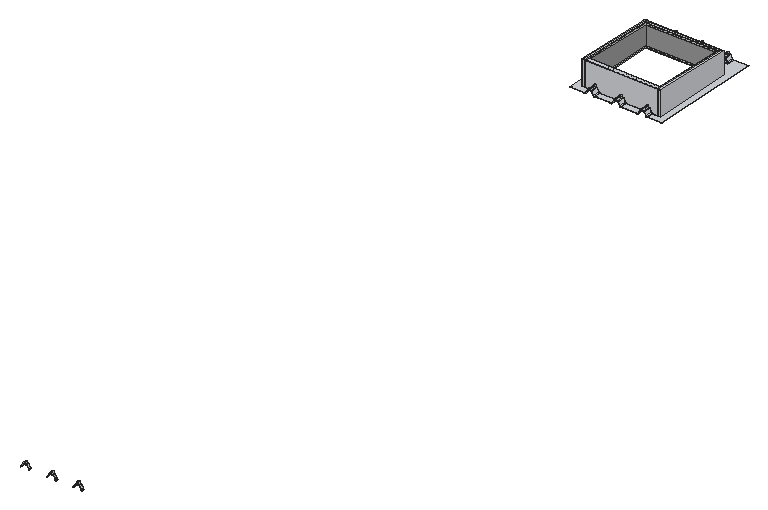
Revit family "UMB-1", category Mechanical Equipment, Revit 2015
Parameters
  URL = "https://unitedenertech.com/catalog/pdf/M_20%20UMB-1.pdf"
  Type Comments = "Consult Factory for Max. Sizes"
  Roof Slope (Degrees) = 2.00°
  Rib Spacing = 1' - 0"
  Rib Number [instance] = ((A Side O.D. + 0' 6") / 2) / Rib Spacing  # 2
  Model = "UMB-1"
  Manufacturer = "United Enertech Corporation"
  Keynote = "Shown with Standard Rib Closures, Consult Factory for Custom Option Models."
  Height = 0' - 10"
  Description = "Metal Building Roof Curb"
  B Side O.D. = 3' - 0"
  A Side O.D. = 3' - 0"
Reference planes (in)
  plane 1 "Center (Front/Back)": y = 0
  plane 2: z = 0
  plane 3 "Center (Left/Right)": x = 0
  plane 4: y = -18
  plane 5: y = -36
  plane 6: y = -34.5
  plane 7: y = -1.5
  plane 8: y = -0.0478
  plane 9: y = -1.4522
  plane 10: y = -35.9522
  plane 11: y = -34.5478
  plane 12: y = -39
  plane 13: y = 5
  plane 14: y = 10
  plane 15: x = -18
  plane 16: x = 18
  plane 17: x = -16.5
  plane 18: x = 16.5
  plane 19: x = -17.9522
  plane 20: x = -16.5478
  plane 21: x = 17.9522
  plane 22: x = 16.5478
  plane 23: x = -21
  plane 24: x = 21
  plane 25: z = 10
  plane 26: z = 4
  plane 27: z = 0.0478
  plane 28: z = 0.7978
  plane 29: z = 9.9522
  plane 30: z = 9.2022
  plane 31: y = 10.5
  plane 32: y = 7
  plane 33: y = -39.5
Forms (in)
  Extrusion 1, solid
    sketch origin (0, 0, 0) x (0, 1, 0) y (0, 0, 1)
      loop
        line (10, 0.34921) -> (10, 0.39701) -> (-39, -1.31411) -> (-39, -1.36191) -> (10, 0.34921)
    from -21 to 21
  Extrusion 2, void
    sketch origin (0, 0, 0) x (1, 0, 0) y (0, 1, 0)
      loop
        line (-16.5, -34.5) -> (16.5, -34.5) -> (16.5, -1.5) -> (-16.5, -1.5) -> (-16.5, -34.5)
    from -4301.0808 to 6540.31748
  Extrusion 3, solid
    sketch origin (0, 0, 0) x (1, 0, 0) y (0, 1, 0)
      loop
        line (-18, -36) -> (18, -36) -> (18, 0) -> (-18, 0) -> (-18, -36)
      loop
        line (-16.5, -34.5) -> (16.5, -34.5) -> (16.5, -1.5) -> (-16.5, -1.5) -> (-16.5, -34.5)
    from 9.9522 to 10
  Extrusion 4, solid
    sketch origin (0, 0, 0) x (1, 0, 0) y (0, 1, 0)
      loop
        line (-16.5478, -34.5478) -> (16.5478, -34.5478) -> (16.5478, -1.4522) -> (-16.5478, -1.4522) -> (-16.5478, -34.5478)
      loop
        line (-16.5, -34.5) -> (16.5, -34.5) -> (16.5, -1.5) -> (-16.5, -1.5) -> (-16.5, -34.5)
    from 9.2022 to 9.9522
  Extrusion 5, solid
    sketch origin (0, 0, 0) x (0, 1, 0) y (0, 0, 1)
      loop
        line (-1.4522, -0.00291) -> (-1.4522, 0.74709) -> (-1.5, 0.74542) -> (-1.5, -0.00458) -> (-1.4522, -0.00291)
    from -16.5 to 16.5
  Extrusion 6, solid
    sketch origin (0, 0, 0) x (0, 1, 0) y (0, 0, 1)
      loop
        line (-34.5, -0.40697) -> (-34.5478, -0.40864) -> (-34.5478, -1.15864) -> (-34.5, -1.15697) -> (-34.5, -0.40697)
    from -16.5 to 16.5
  Extrusion 7, solid
    sketch origin (0, 0, 0) x (0, 1, 0) y (0, 0, 1)
      loop
        line (-1.4522, 0.74709) -> (-34.5478, -0.40864) -> (-34.5478, -1.15864) -> (-1.4522, -0.00291) -> (-1.4522, 0.74709)
    from -16.5478 to -16.5
  Extrusion 8, solid
    sketch origin (0, 0, 0) x (0, 1, 0) y (0, 0, 1)
      loop
        line (-1.4522, 0.74709) -> (-34.5478, -0.40864) -> (-34.5478, -1.15864) -> (-1.4522, -0.00291) -> (-1.4522, 0.74709)
    from 16.5478 to 16.5
  Extrusion 9, solid
    sketch origin (0, 0, 0) x (0, 1, 0) y (0, 0, 1)
      loop
        line (0, 0.0478) -> (0, 9.9522) -> (-0.0478, 9.9522) -> (-0.0478, 0.04613) -> (0, 0.0478)
    from -17.9522 to 17.9522
  Extrusion 10, solid
    sketch origin (0, 0, 0) x (0, 1, 0) y (0, 0, 1)
      loop
        line (-35.9522, 9.9522) -> (-36, 9.9522) -> (-36, -1.20935) -> (-35.9522, -1.20768) -> (-35.9522, 9.9522)
    from -17.9522 to 17.9522
  Extrusion 11, solid, material "Rigid insulation"
    sketch origin (0, 0, 0) x (0, 1, 0) y (0, 0, 1)
      loop
        line (-0.0478, 9.9522) -> (-1.4522, 9.9522) -> (-1.4522, -0.00291) -> (-0.0478, 0.04613) -> (-0.0478, 9.9522)
    from -16.5478 to 16.5478
  Extrusion 12, solid, material "Rigid insulation"
    sketch origin (0, 0, 0) x (0, 1, 0) y (0, 0, 1)
      loop
        line (-34.5478, -1.15864) -> (-34.5478, 9.9522) -> (-35.9522, 9.9522) -> (-35.9522, -1.20768) -> (-34.5478, -1.15864)
    from -16.5478 to 16.5478
  Extrusion 13, solid
    sketch origin (0, 0, 0) x (0, 1, 0) y (0, 0, 1)
      loop
        line (0, 9.9522) -> (-36, 9.9522) -> (-36, -1.20935) -> (0, 0.0478) -> (0, 9.9522)
    from 18 to 17.9522
  Extrusion 14, solid, material "Rigid insulation"
    sketch origin (0, 0, 0) x (0, 1, 0) y (0, 0, 1)
      loop
        line (-0.0478, 9.9522) -> (-35.9522, 9.9522) -> (-35.9522, -1.20768) -> (-0.0478, 0.04613) -> (-0.0478, 9.9522)
    from 17.9522 to 16.5478
  Extrusion 15, solid, material "Rigid insulation"
    sketch origin (0, 0, 0) x (0, 1, 0) y (0, 0, 1)
      loop
        line (-0.0478, 0.04613) -> (-0.0478, 9.9522) -> (-35.9522, 9.9522) -> (-35.9522, -1.20768) -> (-0.0478, 0.04613)
    from -17.9522 to -16.5478
  Extrusion 16, solid
    sketch origin (0, 0, 0) x (0, 1, 0) y (0, 0, 1)
      loop
        line (0, 9.9522) -> (-36, 9.9522) -> (-36, -1.20935) -> (0, 0.0478) -> (0, 9.9522)
    from -18 to -17.9522
  Blend 17, solid
    base sketch origin (0, 0, 0) x (1, 0, 0) y (0, 1, 0)
      loop
        line (-18, 0) -> (18, 0) -> (0, 5) -> (-18, 0)
    top sketch origin (0, 0, 0) x (1, 0, 0) y (0, 1, 0)
      loop
        line (0, 0) -> (0.125, 0) -> (0, 0.03349) -> (-0.125, 0) -> (0, 0)
    from 0 to 4
  Extrusion 18, void
    sketch origin (0, 0, 0) x (0, 1, 0) y (0, 0, 1)
      loop
        line (10, 0.39701) -> (-1.4522, -0.00291) -> (-1.4522, -21.49964) -> (10, -21.49964) -> (10, 0.39701)
    from -21 to 21
  Extrusion 19, void
    sketch origin (0, 0, 0) x (1, 0, 0) y (0, 1, 0)
      loop
        line (-2.125, 7) -> (2.125, 7) -> (2.125, 10.5) -> (-2.125, 10.5) -> (-2.125, 7)
    from -94.11956 to 84.12542
  Extrusion 20, void
    sketch origin (12, 0, 0) x (1, 0, 0) y (0, 1, 0)
      loop
        line (-2.125, 7) -> (2.125, 7) -> (2.125, 10.5) -> (-2.125, 10.5) -> (-2.125, 7)
    from -94.11956 to 84.12542
  Extrusion 21, void
    sketch origin (-12, 0, 0) x (1, 0, 0) y (0, 1, 0)
      loop
        line (-2.125, 7) -> (2.125, 7) -> (2.125, 10.5) -> (-2.125, 10.5) -> (-2.125, 7)
    from -94.11956 to 84.12542
  Extrusion 22, void
    sketch origin (0, 24, 0) x (1, 0, 0) y (0, 1, 0)
      loop
        line (-2.125, -60) -> (-2.125, -63.5) -> (2.125, -63.5) -> (2.125, -60) -> (-2.125, -60)
    from -350.30684 to 32.75466
  Extrusion 23, void
    sketch origin (12, 24, 0) x (1, 0, 0) y (0, 1, 0)
      loop
        line (-2.125, -60) -> (-2.125, -63.5) -> (2.125, -63.5) -> (2.125, -60) -> (-2.125, -60)
    from -350.30684 to 32.75466
  Extrusion 24, void
    sketch origin (-12, 24, 0) x (1, 0, 0) y (0, 1, 0)
      loop
        line (-2.125, -60) -> (-2.125, -63.5) -> (2.125, -63.5) -> (2.125, -60) -> (-2.125, -60)
    from -350.30684 to 32.75466
Cuts and joins
  Extrusion 2, Extrusion 19, Extrusion 20, Extrusion 21, Extrusion 22, Extrusion 23, Extrusion 24 cuts Extrusion 1
  Extrusion 18 cuts Blend 17
Lines and regions (in)
  reference lines
    curve 1: line (0, 0, 0) -> (0, -128.92142, -4.50204)
    curve 2: line (0, 0, 0.0478) -> (0, -117.92812, -4.07034)
    curve 3: line (0, 0, 0.7978) -> (0, -117.17857, -3.29417)
Dimensions and locks (in)
  equal spacing: plane 1 "Center (Front/Back)", plane 4, plane 5
  "B Side O.D.": plane 1 "Center (Front/Back)" to plane 5
  locked: plane 1 "Center (Front/Back)" to plane 7 at 1.5
  locked: plane 5 to plane 6 at 1.5
  locked: plane 1 "Center (Front/Back)" to plane 8 at 0.0478
  locked: plane 9 to plane 7 at 0.0478
  locked: plane 6 to plane 11 at 0.0478
  locked: plane 10 to plane 5 at 0.0478
  locked: plane 1 "Center (Front/Back)" to plane 13 at 5
  locked: plane 1 "Center (Front/Back)" to plane 14 at 10
  equal spacing: plane 15, plane 3 "Center (Left/Right)", plane 16
  "A Side O.D.": plane 15 to plane 16
  locked: plane 15 to plane 17 at 1.5
  locked: plane 18 to plane 16 at 1.5
  locked: plane 15 to plane 19 at 0.0478
  locked: plane 20 to plane 17 at 0.0478
  locked: plane 18 to plane 22 at 0.0478
  locked: plane 21 to plane 16 at 0.0478
  locked: plane 23 to plane 15 at 3
  locked: plane 16 to plane 24 at 3
  locked: plane 26 to level at 4
  "Height": plane 25 to level
  locked: plane 27 to level at 0.0478
  locked: plane 28 to plane 27 at 0.75
  locked: plane 25 to plane 29 at 0.0478
  locked: plane 29 to plane 30 at 0.75
  locked: plane 5 to plane 12 at 3
  group 1 to group 2 = 1' - 0"
  group 1 to group 2 = 0' - 0"  (x2)
  "Rib Spacing": nested 1 to nested 3
  group 3 to group 1 = 1' - 0"
  group 1 to group 3 = 0' - 0"  (x2)
  "Rib Spacing": nested 4 to nested 1
  group 4 to group 5 = 1' - 0"
  group 4 to group 5 = 0' - 0"  (x2)
  "Rib Spacing": nested 2 to nested 5
  group 6 to group 4 = 1' - 0"
  group 4 to group 6 = 0' - 0"  (x2)
  "Rib Spacing": nested 6 to nested 2
  locked: plane 31 to plane 14 at 0.5
  locked: plane 32 to plane 14 at 3
  locked: plane 12 to plane 33 at 0.5
  group 7 to group 8 = 1' - 0"
  group 7 to group 8 = 0' - 0"  (x2)
  "Rib Spacing": Extrusion 19 to Extrusion 20
  group 9 to group 7 = 1' - 0"
  group 7 to group 9 = 0' - 0"  (x2)
  "Rib Spacing": Extrusion 21 to Extrusion 19
  group 10 to group 11 = 1' - 0"
  group 10 to group 11 = 0' - 0"  (x2)
  "Rib Spacing": Extrusion 22 to Extrusion 23
  group 12 to group 10 = 1' - 0"
  group 10 to group 12 = 0' - 0"  (x2)
  "Rib Spacing": Extrusion 24 to Extrusion 22
  "Roof Slope (Degrees)": angle curve 1 to level
  "Roof Slope (Degrees)": angle curve 2 to plane 27
  "Roof Slope (Degrees)": angle curve 3 to plane 28
  aligned and locked: level to plane 2
  aligned and locked: plane 1 "Center (Front/Back)" to curve 1
  aligned and locked: level to curve 1
  aligned and locked: plane 1 "Center (Front/Back)" to curve 2
  aligned and locked: plane 1 "Center (Front/Back)" to curve 3
  aligned and locked: plane 28 to curve 3
  aligned and locked: plane 27 to curve 2
  aligned and locked: Extrusion 1 sketch curve to plane 14
  aligned and locked: Extrusion 1 sketch curve to plane 12
  aligned and locked: Extrusion 1 sketch curve to curve 1
  aligned and locked: Extrusion 1 sketch curve to curve 2
  aligned and locked: Extrusion 1 to plane 23
  aligned and locked: Extrusion 1 to plane 24
  aligned and locked: Extrusion 2 sketch curve to plane 17
  aligned and locked: plane 7 to Extrusion 2 sketch curve
  aligned and locked: Extrusion 2 sketch curve to plane 18
  aligned and locked: plane 6 to Extrusion 2 sketch curve
  aligned and locked: Extrusion 3 sketch curve to plane 15
  aligned and locked: Extrusion 3 sketch curve to plane 1 "Center (Front/Back)"
  aligned and locked: Extrusion 3 sketch curve to plane 16
  aligned and locked: Extrusion 3 sketch curve to plane 5
  aligned and locked: plane 6 to Extrusion 3 sketch curve
  aligned and locked: Extrusion 3 sketch curve to plane 17
  aligned and locked: Extrusion 3 sketch curve to plane 18
  aligned and locked: plane 7 to Extrusion 3 sketch curve
  aligned and locked: plane 25 to Extrusion 3
  aligned and locked: Extrusion 3 to plane 29
  aligned and locked: plane 20 to Extrusion 4 sketch curve
  aligned and locked: Extrusion 4 sketch curve to plane 9
  aligned and locked: plane 22 to Extrusion 4 sketch curve
  aligned and locked: Extrusion 4 sketch curve to plane 11
  aligned and locked: plane 6 to Extrusion 4 sketch curve
  aligned and locked: Extrusion 4 sketch curve to plane 18
  aligned and locked: Extrusion 4 sketch curve to plane 17
  aligned and locked: plane 7 to Extrusion 4 sketch curve
  aligned and locked: plane 29 to Extrusion 4
  aligned and locked: Extrusion 4 to plane 30
  aligned and locked: curve 3 to Extrusion 5 sketch curve
  aligned and locked: cut or joined group 1 (Extrusion 1, Extrusion 2, Extrusion 19, Extrusion 20, Extrusion 21, Extrusion 22, Extrusion 23, Extrusion 24) to Extrusion 5 sketch curve
  aligned and locked: plane 9 to Extrusion 5 sketch curve
  aligned and locked: plane 7 to Extrusion 5 sketch curve
  aligned and locked: Extrusion 5 to plane 17
  aligned and locked: Extrusion 5 to plane 18
  aligned and locked: curve 3 to Extrusion 6 sketch curve
  aligned and locked: cut or joined group 1 to Extrusion 6 sketch curve
  aligned and locked: plane 11 to Extrusion 6 sketch curve
  aligned and locked: plane 6 to Extrusion 6 sketch curve
  aligned and locked: Extrusion 6 to plane 18
  aligned and locked: Extrusion 6 to plane 17
  aligned and locked: Extrusion 7 sketch curve to plane 9
  aligned and locked: Extrusion 7 sketch curve to curve 3
  aligned and locked: Extrusion 7 sketch curve to cut or joined group 1
  aligned and locked: plane 20 to Extrusion 7
  aligned and locked: plane 17 to Extrusion 7
  aligned and locked: Extrusion 7 sketch curve to plane 11
  aligned and locked: Extrusion 8 sketch curve to plane 9
  aligned and locked: Extrusion 8 sketch curve to curve 3
  aligned and locked: curve 2 to Extrusion 8 sketch curve
  aligned and locked: Extrusion 8 sketch curve to plane 11
  aligned and locked: plane 22 to Extrusion 8
  aligned and locked: plane 18 to Extrusion 8
  aligned and locked: Extrusion 9 sketch curve to plane 29
  aligned and locked: plane 1 "Center (Front/Back)" to Extrusion 9 sketch curve
  aligned and locked: Extrusion 9 sketch curve to curve 2
  aligned and locked: plane 8 to Extrusion 9 sketch curve
  aligned and locked: Extrusion 9 to plane 19
  aligned and locked: Extrusion 9 to plane 21
  aligned and locked: plane 29 to Extrusion 10 sketch curve
  aligned and locked: Extrusion 10 sketch curve to plane 5
  aligned and locked: Extrusion 10 sketch curve to cut or joined group 1
  aligned and locked: Extrusion 10 sketch curve to plane 10
  aligned and locked: Extrusion 10 to plane 21
  aligned and locked: Extrusion 10 to plane 19
  aligned and locked: plane 29 to Extrusion 11 sketch curve
  aligned and locked: plane 8 to Extrusion 11 sketch curve
  aligned and locked: plane 9 to Extrusion 11 sketch curve
  aligned and locked: Extrusion 11 sketch curve to cut or joined group 1
  aligned and locked: plane 20 to Extrusion 11
  aligned and locked: plane 22 to Extrusion 11
  aligned and locked: Extrusion 12 sketch curve to plane 29
  aligned and locked: Extrusion 12 sketch curve to plane 10
  aligned and locked: Extrusion 12 sketch curve to plane 11
  aligned and locked: cut or joined group 1 to Extrusion 12 sketch curve
  aligned and locked: plane 20 to Extrusion 12
  aligned and locked: plane 22 to Extrusion 12
  aligned and locked: plane 29 to Extrusion 13 sketch curve
  aligned and locked: Extrusion 13 sketch curve to plane 1 "Center (Front/Back)"
  aligned and locked: Extrusion 13 sketch curve to plane 5
  aligned and locked: Extrusion 13 sketch curve to cut or joined group 1
  aligned and locked: Extrusion 13 to plane 16
  aligned and locked: plane 21 to Extrusion 13
  aligned and locked: plane 29 to Extrusion 14 sketch curve
  aligned and locked: plane 8 to Extrusion 14 sketch curve
  aligned and locked: plane 10 to Extrusion 14 sketch curve
  aligned and locked: Extrusion 14 sketch curve to cut or joined group 1
  aligned and locked: Extrusion 14 to plane 21
  aligned and locked: Extrusion 14 to plane 22
  aligned and locked: Extrusion 15 sketch curve to plane 29
  aligned and locked: Extrusion 15 sketch curve to plane 8
  aligned and locked: Extrusion 15 sketch curve to plane 10
  aligned and locked: cut or joined group 1 to Extrusion 15 sketch curve
  aligned and locked: Extrusion 15 to plane 19
  aligned and locked: Extrusion 15 to plane 20
  aligned and locked: plane 29 to Extrusion 16 sketch curve
  aligned and locked: Extrusion 16 sketch curve to plane 1 "Center (Front/Back)"
  aligned and locked: Extrusion 16 sketch curve to plane 5
  aligned and locked: Extrusion 16 sketch curve to cut or joined group 1
  aligned and locked: plane 19 to Extrusion 16
  aligned and locked: Extrusion 16 to plane 15
  aligned and locked: Blend 17 sketch curve to plane 1 "Center (Front/Back)"
  aligned and locked: plane 15 to Blend 17 sketch curve
  aligned and locked: plane 13 to Blend 17 sketch curve
  aligned and locked: plane 3 "Center (Left/Right)" to Blend 17 sketch curve
  aligned and locked: plane 16 to Blend 17 sketch curve
  aligned and locked: plane 26 to Blend 17
  aligned and locked: Blend 17 to level
  aligned and locked: Extrusion 18 to plane 23
  aligned and locked: Extrusion 18 to plane 24
  aligned and locked: cut or joined group 1 to Extrusion 18 sketch curve
  aligned and locked: nested 1 to plane 3 "Center (Left/Right)"
  aligned and locked: plane 1 "Center (Front/Back)" to nested 1
  aligned and locked: nested 2 to plane 3 "Center (Left/Right)"
  aligned and locked: plane 1 "Center (Front/Back)" to nested 2
  aligned and locked: Extrusion 22 to plane 33
  aligned and locked: Extrusion 22 to Extrusion 23
  aligned and locked: Extrusion 24 to Extrusion 22
Automatic sketch dimensions
  Extrusion 19 sketch curve to Extrusion 19 sketch curve = 0' - 4 1/4"
  Extrusion 19 sketch curve to Extrusion 19 sketch curve = 0' - 3 1/2"
  Extrusion 20 sketch curve to Extrusion 20 sketch curve = 0' - 4 1/4"
  Extrusion 20 sketch curve to Extrusion 20 sketch curve = 0' - 3 1/2"
  Extrusion 21 sketch curve to Extrusion 21 sketch curve = 0' - 4 1/4"
  Extrusion 21 sketch curve to Extrusion 21 sketch curve = 0' - 3 1/2"
  plane 1 "Center (Front/Back)" to Blend 17 sketch curve = 0' - 0"
  Blend 17 sketch curve to plane 3 "Center (Left/Right)" = 0' - 0"  (x2)
  Blend 17 sketch curve to Blend 17 sketch curve = 0' - 0 1/8"
  plane 3 "Center (Left/Right)" to Blend 17 sketch curve = 0' - 0 1/8"
  Blend 17 sketch curve to Blend 17 sketch curve = 0' - 0.03349"
  Extrusion 18 sketch curve to plane 9 = 0' - 0"
  Extrusion 18 sketch curve to plane 14 = 0' - 0"
  Extrusion 18 sketch curve to Extrusion 18 sketch curve = 1' - 9.49673"
  Extrusion 22 sketch curve to Extrusion 22 sketch curve = 0' - 4 1/4"
  Extrusion 22 sketch curve to Extrusion 22 sketch curve = 0' - 3 1/2"
  Extrusion 23 sketch curve to Extrusion 23 sketch curve = 0' - 4 1/4"
  Extrusion 23 sketch curve to Extrusion 23 sketch curve = 0' - 3 1/2"
  Extrusion 24 sketch curve to Extrusion 24 sketch curve = 0' - 4 1/4"
  Extrusion 24 sketch curve to Extrusion 24 sketch curve = 0' - 3 1/2"
Nested families (in)
  nested 1: "Rib Closure Front Cap" at (0, 0, 0), type "Rib Closure Front Cap"
  nested 2: "Rib Closure Rear Cap" at (0, 0, 0), type "Rib Closure Rear Cap"
    with O.D. 3' - 0"
  nested 3: "Rib Closure Front Cap" at (12, 0, 0), type "Rib Closure Front Cap"
  nested 4: "Rib Closure Front Cap" at (-12, 0, 0), type "Rib Closure Front Cap"
  nested 5: "Rib Closure Rear Cap" at (12, 0, 0), type "Rib Closure Rear Cap"
    with O.D. 3' - 0"
  nested 6: "Rib Closure Rear Cap" at (-12, 0, 0), type "Rib Closure Rear Cap"
    with O.D. 3' - 0"
Definition of nested family "Rib Closure Front Cap"
  Parameters (values of type "Rib Closure Front Cap")
    RS = 2.00°
  Reference planes (in)
    plane 1 "Center (Front/Back)": y = 0
    plane 2: z = 0
    plane 3 "Center (Left/Right)": x = 0
    plane 4: y = 7
    plane 5: y = 10
    plane 6: y = 7.0478
  Forms (in)
    Sweep 1, solid
      path in 3D
        loop
          line (0, 79.20172, 2.76579) -> (0, -59.7136, -2.08524)
      profile origin (0, 9.74406, 0.34027) x (0, 0.034899, -0.999391) y (1, 0, 0)
        loop
          arc (0, -2.125) -> (-0.16235, -1.79464) -> (-0.46336, -1.58277) r 0.74289
          line (-0.46336, -1.58277) -> (-1.73114, -0.97225)
          arc (-1.73114, -0.97225) -> (-1.79322, -0.92124) -> (-1.81653, -0.84435) r 0.13848
          line (-1.81653, -0.84435) -> (-1.81653, -0.45935)
          arc (-1.81653, -0.45935) -> (-1.83926, -0.38435) -> (-1.89981, -0.3346) r 0.13508
          line (-1.89981, -0.3346) -> (-2.69369, -0.2019)
          arc (-2.69369, -0.2019) -> (-2.80673, 0) -> (-2.69369, 0.2019) r 0.23684
          line (-2.69369, 0.2019) -> (-1.89981, 0.3346)
          arc (-1.89981, 0.3346) -> (-1.83926, 0.38435) -> (-1.81653, 0.45935) r 0.13508
          line (-1.81653, 0.45935) -> (-1.81653, 0.84435)
          arc (-1.81653, 0.84435) -> (-1.79322, 0.92124) -> (-1.73114, 0.97225) r 0.13848
          line (-1.73114, 0.97225) -> (-0.46336, 1.58277)
          arc (-0.46336, 1.58277) -> (-0.16439, 1.79638) -> (0, 2.125) r 0.76265
          line (0, 2.125) -> (-0.0478, 2.125)
          arc (-0.0478, 2.125) -> (-0.20409, 1.82124) -> (-0.4837, 1.625) r 0.71325
          line (-0.4837, 1.625) -> (-1.7504, 1.015)
          arc (-1.7504, 1.015) -> (-1.83259, 0.94669) -> (-1.8634, 0.84435) r 0.18536
          line (-1.8634, 0.84435) -> (-1.8634, 0.45935)
          arc (-1.8634, 0.45935) -> (-1.87694, 0.41239) -> (-1.9134, 0.37985) r 0.0882
          line (-1.9134, 0.37985) -> (-2.71, 0.2467)
          arc (-2.71, 0.2467) -> (-2.8536, 0) -> (-2.71, -0.2467) r 0.28371
          line (-2.71, -0.2467) -> (-1.9134, -0.37985)
          arc (-1.9134, -0.37985) -> (-1.87694, -0.41239) -> (-1.8634, -0.45935) r 0.0882
          line (-1.8634, -0.45935) -> (-1.8634, -0.84435)
          arc (-1.8634, -0.84435) -> (-1.83259, -0.94669) -> (-1.7504, -1.015) r 0.18536
          line (-1.7504, -1.015) -> (-0.4837, -1.625)
          arc (-0.4837, -1.625) -> (-0.20409, -1.82124) -> (-0.0478, -2.125) r 0.71325
          line (-0.0478, -2.125) -> (0, -2.125)
    Sweep 2, solid
      path in 3D
        loop
          line (0, 83.94883, 2.93156) -> (0, -110.93238, -3.87384)
      profile origin (0, -13.49178, -0.47114) x (0, 0.034899, -0.999391) y (1, 0, 0)
        loop
          line (0, -2.125) -> (0, 2.125) -> (-0.0478, 2.125)
          arc (-0.0478, 2.125) -> (-0.20409, 1.82124) -> (-0.4837, 1.625) r 0.71325
          line (-0.4837, 1.625) -> (-1.7504, 1.015)
          arc (-1.7504, 1.015) -> (-1.83259, 0.94669) -> (-1.8634, 0.84435) r 0.18536
          line (-1.8634, 0.84435) -> (-1.8634, 0.45935)
          arc (-1.8634, 0.45935) -> (-1.87694, 0.41239) -> (-1.9134, 0.37985) r 0.0882
          line (-1.9134, 0.37985) -> (-2.71, 0.2467)
          arc (-2.71, 0.2467) -> (-2.8536, 0) -> (-2.71, -0.2467) r 0.28371
          line (-2.71, -0.2467) -> (-1.9134, -0.37985)
          arc (-1.9134, -0.37985) -> (-1.87694, -0.41239) -> (-1.8634, -0.45935) r 0.0882
          line (-1.8634, -0.45935) -> (-1.8634, -0.84435)
          arc (-1.8634, -0.84435) -> (-1.83259, -0.94669) -> (-1.7504, -1.015) r 0.18536
          line (-1.7504, -1.015) -> (-0.4837, -1.625)
          arc (-0.4837, -1.625) -> (-0.20409, -1.82124) -> (-0.0478, -2.125) r 0.71325
          line (-0.0478, -2.125) -> (0, -2.125)
    Extrusion 3, void
      sketch origin (0, 0, 0) x (0, 1, 0) y (0, 0, 1)
        loop
          line (514.00759, -423.42821) -> (514.00759, 422.57179) -> (10, 422.57179) -> (10, -423.42821) -> (514.00759, -423.42821)
      from -229.40576 to 223.1151
    Extrusion 4, void
      sketch origin (0, 0, 0) x (0, 1, 0) y (0, 0, 1)
        loop
          line (-548.5717, -406.84863) -> (7.0478, -406.84863) -> (7.0478, 313.15137) -> (-548.5717, 313.15137) -> (-548.5717, -406.84863)
      from -226.41961 to 140.11494
    Extrusion 5, void
      sketch origin (0, 0, 0) x (0, 1, 0) y (0, 0, 1)
        loop
          line (621.99028, -418.93219) -> (621.99028, 409.06781) -> (7.0478, 409.06781) -> (7.0478, -418.93219) -> (621.99028, -418.93219)
      from -191.47615 to 154.9845
    Extrusion 6, void
      sketch origin (0, 0, 0) x (0, 1, 0) y (0, 0, 1)
        loop
          line (-278.50799, -169.94597) -> (7, -169.94597) -> (7, 154.05403) -> (-278.50799, 154.05403) -> (-278.50799, -169.94597)
      from -176.6066 to 181.00622
  Cuts and joins
    Extrusion 3, Extrusion 4 cuts Sweep 1
    Extrusion 5, Extrusion 6 cuts Sweep 2
  Lines and regions (in)
    reference lines
      curve 1: line (0, 0, 0) -> (0, -110.93238, -3.87384)
    sketch lines
      curve 2: line (0, 79.20172, 2.76579) -> (0, -59.7136, -2.08524)
      curve 3: line (0, 83.94883, 2.93156) -> (0, -110.93238, -3.87384)
  Dimensions and locks (in)
    locked: plane 4 to plane 1 "Center (Front/Back)" at 7
    locked: plane 6 to plane 4 at 0.0478
    locked: plane 5 to plane 6 at 2.9522
    "RS": angle curve 1 to level
    aligned and locked: level to plane 2
    aligned and locked: plane 1 "Center (Front/Back)" to curve 1
    aligned and locked: level to curve 1
  Automatic sketch dimensions
    Sweep 1 sketch curve to Sweep 1 sketch curve = 0' - 0"  (x10)
    Sweep 1 sketch curve to profile plane = 0' - 0"  (x3)
    Sweep 1 sketch curve to Sweep 1 sketch curve = 0' - 0.0478"  (x2)
    profile plane to Sweep 1 sketch curve = 0' - 0.46336"  (x2)
    Sweep 1 sketch curve to Sweep 1 sketch curve = 0' - 0.02034"  (x2)
    Sweep 1 sketch curve to Sweep 1 sketch curve = 0' - 0.67932"
    Sweep 1 sketch curve to Sweep 1 sketch curve = 0' - 0.01459"
    Sweep 1 sketch curve to Sweep 1 sketch curve = 0' - 0.69391"
    Sweep 1 sketch curve to Sweep 1 sketch curve = 0' - 0.00247"
    Sweep 1 sketch curve to Sweep 1 sketch curve = 0' - 1.21468"  (x2)
    Sweep 1 sketch curve to Sweep 1 sketch curve = 0' - 0.0531"  (x2)
    profile plane to Sweep 1 sketch curve = 0' - 1.015"
    Sweep 1 sketch curve to Sweep 1 sketch curve = 0' - 0.01926"  (x2)
    Sweep 1 sketch curve to profile plane = 0' - 1.015"
    Sweep 1 sketch curve to Sweep 1 sketch curve = 0' - 0.13848"  (x2)
    Sweep 1 sketch curve to Sweep 1 sketch curve = 0' - 0 3/64"  (x2)
    Sweep 1 sketch curve to profile plane = 0' - 0.3346"
    Sweep 1 sketch curve to Sweep 1 sketch curve = 0' - 0.03641"  (x2)
    profile plane to Sweep 1 sketch curve = 0' - 0.3346"
    Sweep 1 sketch curve to profile plane = 0' - 0.37985"
    Sweep 1 sketch curve to Sweep 1 sketch curve = 0' - 0.01359"  (x2)
    profile plane to Sweep 1 sketch curve = 0' - 0.37985"
    Sweep 1 sketch curve to Sweep 1 sketch curve = 0' - 0.67008"
    Sweep 1 sketch curve to profile plane = 0' - 0.2019"
    Sweep 1 sketch curve to Sweep 1 sketch curve = 0' - 0.1238"
    profile plane to Sweep 1 sketch curve = 0' - 0.2019"
    Sweep 1 sketch curve to profile plane = 0' - 0.2467"
    Sweep 1 sketch curve to Sweep 1 sketch curve = 0' - 0.01631"
    profile plane to Sweep 1 sketch curve = 0' - 0.2467"
    Sweep 1 sketch curve to Sweep 1 sketch curve = 0' - 0.56777"  (x2)
    Sweep 1 sketch curve to Sweep 1 sketch curve = 0' - 0.04223"  (x2)
    Sweep 1 sketch curve to Sweep 1 sketch curve = 0' - 0 1/2"  (x2)
    Sweep 2 sketch curve to profile plane = 0' - 0"  (x2)
    Sweep 2 sketch curve to Sweep 2 sketch curve = 0' - 0.0478"  (x2)
    profile plane to Sweep 2 sketch curve = 0' - 0.4837"  (x2)
    Sweep 2 sketch curve to Sweep 2 sketch curve = 0' - 0.69391"  (x2)
    Sweep 2 sketch curve to Sweep 2 sketch curve = 0' - 1.19434"  (x2)
    profile plane to Sweep 2 sketch curve = 0' - 1.015"
    Sweep 2 sketch curve to Sweep 2 sketch curve = 0' - 0.07236"  (x2)
    Sweep 2 sketch curve to profile plane = 0' - 1.015"
    Sweep 2 sketch curve to Sweep 2 sketch curve = 0' - 0.18536"  (x2)
    profile plane to Sweep 2 sketch curve = 0' - 0.37985"
    Sweep 2 sketch curve to Sweep 2 sketch curve = 0' - 0.05"  (x2)
    Sweep 2 sketch curve to profile plane = 0' - 0.37985"
    Sweep 2 sketch curve to Sweep 2 sketch curve = 0' - 0.0382"  (x2)
    Sweep 2 sketch curve to Sweep 2 sketch curve = 0' - 0.65649"
    Sweep 2 sketch curve to profile plane = 0' - 0.2467"
    Sweep 2 sketch curve to Sweep 2 sketch curve = 0' - 0.14011"
    profile plane to Sweep 2 sketch curve = 0' - 0.2467"
    Sweep 2 sketch curve to Sweep 2 sketch curve = 0' - 0.61"  (x2)
    Sweep 2 sketch curve to Sweep 2 sketch curve = 0' - 0 1/2"  (x2)
    Extrusion 3 sketch curve to plane 5 = 0' - 0"
    Extrusion 3 sketch curve to Extrusion 3 sketch curve = 42' - 0.00759"
    Extrusion 3 sketch curve to level = 35' - 3.42821"
    level to Extrusion 3 sketch curve = 35' - 2.57179"
    Extrusion 4 sketch curve to plane 6 = 0' - 0"
    plane 1 "Center (Front/Back)" to Extrusion 4 sketch curve = 45' - 8.5717"
    Extrusion 4 sketch curve to level = 33' - 10.84863"
    level to Extrusion 4 sketch curve = 26' - 1.15137"
    Extrusion 5 sketch curve to plane 6 = 0' - 0"
    Extrusion 5 sketch curve to plane 5 = 50' - 11.99028"
    Extrusion 5 sketch curve to level = 34' - 10.93219"
    level to Extrusion 5 sketch curve = 34' - 1.06781"
    Extrusion 6 sketch curve to plane 4 = 0' - 0"
    plane 1 "Center (Front/Back)" to Extrusion 6 sketch curve = 23' - 2.50799"
    Extrusion 6 sketch curve to level = 14' - 1.94597"
    level to Extrusion 6 sketch curve = 12' - 10.05403"
Definition of nested family "Rib Closure Rear Cap"
  Parameters (values of type "Rib Closure Rear Cap")
    RS = 2.00°
    O.D. = 3' - 6"
  Reference planes (in)
    plane 1 "Center (Front/Back)": y = 0
    plane 2: z = 0
    plane 3 "Center (Left/Right)": x = 0
    plane 4: y = -42
    plane 5: y = -45
    plane 6: y = -42.0478
  Forms (in)
    Sweep 1, solid
      path in 3D
        loop
          line (0, 5.2468, 0.18322) -> (0, -360.53024, -12.58999)
      profile origin (0, -177.64172, -6.20339) x (0, 0.034899, -0.999391) y (1, 0, 0)
        loop
          arc (0, -2.125) -> (-0.16235, -1.79464) -> (-0.46336, -1.58277) r 0.74289
          line (-0.46336, -1.58277) -> (-1.73114, -0.97225)
          arc (-1.73114, -0.97225) -> (-1.79322, -0.92124) -> (-1.81653, -0.84435) r 0.13848
          line (-1.81653, -0.84435) -> (-1.81653, -0.45935)
          arc (-1.81653, -0.45935) -> (-1.83926, -0.38435) -> (-1.89981, -0.3346) r 0.13508
          line (-1.89981, -0.3346) -> (-2.69369, -0.2019)
          arc (-2.69369, -0.2019) -> (-2.80673, 0) -> (-2.69369, 0.2019) r 0.23684
          line (-2.69369, 0.2019) -> (-1.89981, 0.3346)
          arc (-1.89981, 0.3346) -> (-1.83926, 0.38435) -> (-1.81653, 0.45935) r 0.13508
          line (-1.81653, 0.45935) -> (-1.81653, 0.84435)
          arc (-1.81653, 0.84435) -> (-1.79322, 0.92124) -> (-1.73114, 0.97225) r 0.13848
          line (-1.73114, 0.97225) -> (-0.46336, 1.58277)
          arc (-0.46336, 1.58277) -> (-0.16439, 1.79638) -> (0, 2.125) r 0.76265
          line (0, 2.125) -> (-0.0478, 2.125)
          arc (-0.0478, 2.125) -> (-0.20409, 1.82124) -> (-0.4837, 1.625) r 0.71325
          line (-0.4837, 1.625) -> (-1.7504, 1.015)
          arc (-1.7504, 1.015) -> (-1.83259, 0.94669) -> (-1.8634, 0.84435) r 0.18536
          line (-1.8634, 0.84435) -> (-1.8634, 0.45935)
          arc (-1.8634, 0.45935) -> (-1.87694, 0.41239) -> (-1.9134, 0.37985) r 0.0882
          line (-1.9134, 0.37985) -> (-2.71, 0.2467)
          arc (-2.71, 0.2467) -> (-2.8536, 0) -> (-2.71, -0.2467) r 0.28371
          line (-2.71, -0.2467) -> (-1.9134, -0.37985)
          arc (-1.9134, -0.37985) -> (-1.87694, -0.41239) -> (-1.8634, -0.45935) r 0.0882
          line (-1.8634, -0.45935) -> (-1.8634, -0.84435)
          arc (-1.8634, -0.84435) -> (-1.83259, -0.94669) -> (-1.7504, -1.015) r 0.18536
          line (-1.7504, -1.015) -> (-0.4837, -1.625)
          arc (-0.4837, -1.625) -> (-0.20409, -1.82124) -> (-0.0478, -2.125) r 0.71325
          line (-0.0478, -2.125) -> (0, -2.125)
    Sweep 2, solid
      path in 3D
        loop
          line (0, 5.99634, 0.2094) -> (0, -262.83979, -9.17857)
      profile origin (0, -128.42172, -4.48459) x (0, 0.034899, -0.999391) y (1, 0, 0)
        loop
          line (0, -2.125) -> (0, 2.125) -> (-0.0478, 2.125)
          arc (-0.0478, 2.125) -> (-0.20409, 1.82124) -> (-0.4837, 1.625) r 0.71325
          line (-0.4837, 1.625) -> (-1.7504, 1.015)
          arc (-1.7504, 1.015) -> (-1.83259, 0.94669) -> (-1.8634, 0.84435) r 0.18536
          line (-1.8634, 0.84435) -> (-1.8634, 0.45935)
          arc (-1.8634, 0.45935) -> (-1.87694, 0.41239) -> (-1.9134, 0.37985) r 0.0882
          line (-1.9134, 0.37985) -> (-2.71, 0.2467)
          arc (-2.71, 0.2467) -> (-2.8536, 0) -> (-2.71, -0.2467) r 0.28371
          line (-2.71, -0.2467) -> (-1.9134, -0.37985)
          arc (-1.9134, -0.37985) -> (-1.87694, -0.41239) -> (-1.8634, -0.45935) r 0.0882
          line (-1.8634, -0.45935) -> (-1.8634, -0.84435)
          arc (-1.8634, -0.84435) -> (-1.83259, -0.94669) -> (-1.7504, -1.015) r 0.18536
          line (-1.7504, -1.015) -> (-0.4837, -1.625)
          arc (-0.4837, -1.625) -> (-0.20409, -1.82124) -> (-0.0478, -2.125) r 0.71325
          line (-0.0478, -2.125) -> (0, -2.125)
    Extrusion 3, void
      sketch origin (0, 0, 0) x (0, 1, 0) y (0, 0, 1)
        loop
          line (271.36642, -241.38456) -> (271.36642, 322.61544) -> (-42, 322.61544) -> (-42, -241.38456) -> (271.36642, -241.38456)
      from -133.9578 to 137.31116
    Extrusion 4, void
      sketch origin (0, 0, 0) x (0, 1, 0) y (0, 0, 1)
        loop
          line (-640.81921, -306.21309) -> (-42.0478, -306.21309) -> (-42.0478, 251.78691) -> (-640.81921, 251.78691) -> (-640.81921, -306.21309)
      from -92.92801 to 53.04338
    Extrusion 5, void
      sketch origin (0, 0, 0) x (0, 1, 0) y (0, 0, 1)
        loop
          line (317.194, -311.4802) -> (317.194, 378.5198) -> (-42.0478, 378.5198) -> (-42.0478, -311.4802) -> (317.194, -311.4802)
      from -360.59787 to 353.84982
    Extrusion 6, void
      sketch origin (0, 0, 0) x (0, 1, 0) y (0, 0, 1)
        loop
          line (-365.70065, -195.78845) -> (-45, -195.78845) -> (-45, 482.21155) -> (-365.70065, 482.21155) -> (-365.70065, -195.78845)
      from -367.79993 to 634.35506
  Cuts and joins
    Extrusion 3, Extrusion 4 cuts Sweep 2
    Extrusion 5, Extrusion 6 cuts Sweep 1
  Lines and regions (in)
    reference lines
      curve 1: line (0, 0, 0) -> (0, -110.93238, -3.87384)
    sketch lines
      curve 2: line (0, 5.2468, 0.18322) -> (0, -360.53024, -12.58999)
      curve 3: line (0, 5.99634, 0.2094) -> (0, -262.83979, -9.17857)
  Dimensions and locks (in)
    "O.D.": plane 1 "Center (Front/Back)" to plane 4
    locked: plane 4 to plane 6 at 0.0478
    locked: plane 6 to plane 5 at 2.9522
    "RS": angle curve 1 to level
    aligned and locked: level to plane 2
    aligned and locked: plane 1 "Center (Front/Back)" to curve 1
    aligned and locked: level to curve 1
  Automatic sketch dimensions
    Sweep 1 sketch curve to Sweep 1 sketch curve = 0' - 0"  (x10)
    Sweep 1 sketch curve to profile plane = 0' - 0"  (x3)
    Sweep 1 sketch curve to Sweep 1 sketch curve = 0' - 0.0478"  (x2)
    profile plane to Sweep 1 sketch curve = 0' - 0.46336"  (x2)
    Sweep 1 sketch curve to Sweep 1 sketch curve = 0' - 0.02034"  (x2)
    Sweep 1 sketch curve to Sweep 1 sketch curve = 0' - 0.67932"
    Sweep 1 sketch curve to Sweep 1 sketch curve = 0' - 0.01459"
    Sweep 1 sketch curve to Sweep 1 sketch curve = 0' - 0.69391"
    Sweep 1 sketch curve to Sweep 1 sketch curve = 0' - 0.00247"
    Sweep 1 sketch curve to Sweep 1 sketch curve = 0' - 1.21468"  (x2)
    Sweep 1 sketch curve to Sweep 1 sketch curve = 0' - 0.0531"  (x2)
    profile plane to Sweep 1 sketch curve = 0' - 1.015"
    Sweep 1 sketch curve to Sweep 1 sketch curve = 0' - 0.01926"  (x2)
    Sweep 1 sketch curve to profile plane = 0' - 1.015"
    Sweep 1 sketch curve to Sweep 1 sketch curve = 0' - 0.13848"  (x2)
    Sweep 1 sketch curve to Sweep 1 sketch curve = 0' - 0 3/64"  (x2)
    Sweep 1 sketch curve to profile plane = 0' - 0.3346"
    Sweep 1 sketch curve to Sweep 1 sketch curve = 0' - 0.03641"  (x2)
    profile plane to Sweep 1 sketch curve = 0' - 0.3346"
    Sweep 1 sketch curve to profile plane = 0' - 0.37985"
    Sweep 1 sketch curve to Sweep 1 sketch curve = 0' - 0.01359"  (x2)
    profile plane to Sweep 1 sketch curve = 0' - 0.37985"
    Sweep 1 sketch curve to Sweep 1 sketch curve = 0' - 0.67008"
    Sweep 1 sketch curve to profile plane = 0' - 0.2019"
    Sweep 1 sketch curve to Sweep 1 sketch curve = 0' - 0.1238"
    profile plane to Sweep 1 sketch curve = 0' - 0.2019"
    Sweep 1 sketch curve to profile plane = 0' - 0.2467"
    Sweep 1 sketch curve to Sweep 1 sketch curve = 0' - 0.01631"
    profile plane to Sweep 1 sketch curve = 0' - 0.2467"
    Sweep 1 sketch curve to Sweep 1 sketch curve = 0' - 0.56777"  (x2)
    Sweep 1 sketch curve to Sweep 1 sketch curve = 0' - 0.04223"  (x2)
    Sweep 1 sketch curve to Sweep 1 sketch curve = 0' - 0 1/2"  (x2)
    Sweep 2 sketch curve to profile plane = 0' - 0"  (x2)
    Sweep 2 sketch curve to Sweep 2 sketch curve = 0' - 0.0478"  (x2)
    profile plane to Sweep 2 sketch curve = 0' - 0.4837"  (x2)
    Sweep 2 sketch curve to Sweep 2 sketch curve = 0' - 0.69391"  (x2)
    Sweep 2 sketch curve to Sweep 2 sketch curve = 0' - 1.19434"  (x2)
    profile plane to Sweep 2 sketch curve = 0' - 1.015"
    Sweep 2 sketch curve to Sweep 2 sketch curve = 0' - 0.07236"  (x2)
    Sweep 2 sketch curve to profile plane = 0' - 1.015"
    Sweep 2 sketch curve to Sweep 2 sketch curve = 0' - 0.18536"  (x2)
    profile plane to Sweep 2 sketch curve = 0' - 0.37985"
    Sweep 2 sketch curve to Sweep 2 sketch curve = 0' - 0.05"  (x2)
    Sweep 2 sketch curve to profile plane = 0' - 0.37985"
    Sweep 2 sketch curve to Sweep 2 sketch curve = 0' - 0.0382"  (x2)
    Sweep 2 sketch curve to Sweep 2 sketch curve = 0' - 0.65649"
    Sweep 2 sketch curve to profile plane = 0' - 0.2467"
    Sweep 2 sketch curve to Sweep 2 sketch curve = 0' - 0.14011"
    profile plane to Sweep 2 sketch curve = 0' - 0.2467"
    Sweep 2 sketch curve to Sweep 2 sketch curve = 0' - 0.61"  (x2)
    Sweep 2 sketch curve to Sweep 2 sketch curve = 0' - 0 1/2"  (x2)
    Extrusion 3 sketch curve to plane 4 = 0' - 0"
    Extrusion 3 sketch curve to plane 1 "Center (Front/Back)" = 22' - 7.36642"
    Extrusion 3 sketch curve to level = 20' - 1.38456"
    level to Extrusion 3 sketch curve = 26' - 10.61544"
    Extrusion 4 sketch curve to plane 6 = 0' - 0"
    Extrusion 4 sketch curve to plane 5 = 49' - 7.81921"
    Extrusion 4 sketch curve to level = 25' - 6.21309"
    level to Extrusion 4 sketch curve = 20' - 11.78691"
    Extrusion 5 sketch curve to plane 6 = 0' - 0"
    Extrusion 5 sketch curve to plane 1 "Center (Front/Back)" = 26' - 5.194"
    Extrusion 5 sketch curve to level = 25' - 11.4802"
    level to Extrusion 5 sketch curve = 31' - 6.5198"
    Extrusion 6 sketch curve to plane 5 = 0' - 0"
    Extrusion 6 sketch curve to plane 5 = 26' - 8.70065"
    Extrusion 6 sketch curve to level = 16' - 3.78845"
    level to Extrusion 6 sketch curve = 40' - 2.21155"
